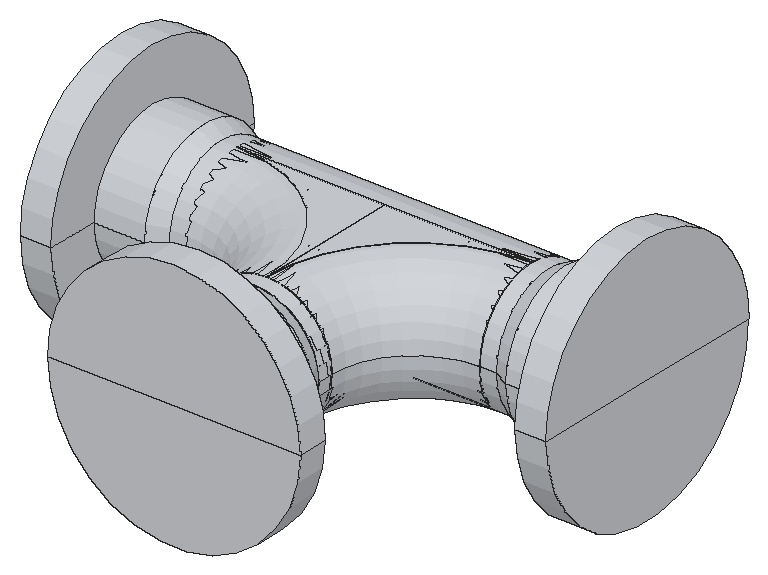
Revit family "4ebcd8fedf494d88a2312c17ed04aa66", category Pipe Fittings, Revit 2021
Family settings
  Round Connector Dimension = Use Radius
  Part Type = Tee
  OmniClass Number = 23.60.30.11.14
  OmniClass Title = Pipework Fittings
  Seek Item ID = Tee - PVC - Sch 40-0000-USA-ENU
  Work Plane-Based = No
  Always vertical = Yes
  Cut with Voids When Loaded = No
  Shared = No
Parameters (values of type "Standard")
  Visibility 1 [instance] = Angle = 90.00°  # yes
  Tick Size [instance] = Fitting Outside Diameter * 0.4  # 1.5840"
  Socket Outside Radius [instance] = Socket Outside Diameter / 2  # 2.2400"
  Socket Outside Diameter [instance] = size_lookup(Lookup Table Name, "SOD", 1.1700" + 1.0761 * Nominal Diameter, Nominal Diameter)  # 4.4800"
  Socket Depth [instance] = if(Nominal Diameter < 14.0000", 2.5000", if(Nominal Diameter < 30.0000", 3.5000", 4.0000"))  # 2.5000"
  Lookup Table Name = "Tee - MJ - DI - Class 350"
  Length 2 [instance] = Center to End Label - Socket Depth - Bevel Length  # 4.9800"
  Length 1 [instance] = Socket Depth + Bevel Length  # 3.0200"
  Fitting Outside Radius [instance] = Fitting Outside Diameter / 2  # 1.9800"
  Fitting Outside Diameter [instance] = size_lookup(Lookup Table Name, "FOD", 0.6800" + 1.0453 * Nominal Diameter, Nominal Diameter)  # 3.9600"
  Nominal Radius [instance] = 1.5000"
  Nominal Diameter [instance] = Nominal Radius * 2  # 3.0000"
  Loss Method = K Coefficient from Table
  K Coefficient Table = "Tee"
  Default Elevation = 0.0000"
  Bevel Length [instance] = size_lookup(Lookup Table Name, "BvLgt", 0.4900" + 0.0308 * Nominal Diameter, Nominal Diameter)  # 0.5200"
  Center to Socket Bottom [instance] = size_lookup(Lookup Table Name, "CtSB", 3.2500" + 0.754 * Nominal Diameter, Nominal Diameter)  # 5.5000"
  Center to End Label [instance] = if((Center to End - Gland Width) * tan(Angle 1 / 2) > Gland Outside Radius, Center to End, Gland Outside Radius / tan(Angle 1 / 2) + Gland Width)  # 8.0000"
  Center to End [instance] = Center to Socket Bottom + Socket Depth  # 8.0000"
  Center Radius Label [instance] = if(Center to Socket Bottom - Center Radius - Bevel Length < 0.5000", Center to Socket Bottom - Bevel Length - 0.5000", Center Radius)  # 4.4800"
  Center Radius [instance] = size_lookup(Lookup Table Name, "CRad", 2.7600" + 0.7232 * Nominal Diameter, Nominal Diameter)  # 4.9800"
  Gland Width [instance] = size_lookup(Lookup Table Name, "GWid", 0.8600" + 0.0318 * Nominal Diameter, Nominal Diameter)  # 0.9400"
  Gland Outside Radius [instance] = Gland Outside Diameter / 2  # 3.8450"
  Gland Outside Diameter [instance] = size_lookup(Lookup Table Name, "GOD", 4.3800" + 1.1302 * Nominal Diameter, Nominal Diameter)  # 7.6900"
  Angle 1 [instance] = if(Angle > 90.00°, 180.00° - Angle, Angle)  # 90.00°
  Angle [instance] = 90.00°
Reference planes (in)
  plane 1 "Center (Front/Back)": y = 0
  plane 2: z = 0
  plane 3 "Center (Left/Right)": x = 0
  plane 4: y = 3.845
  plane 5: y = 2.24
  plane 6: y = 1.98
  plane 7: x = -8
  plane 8: x = -7.06
  plane 9: x = -4.98
  plane 10: x = -5.5
  plane 11: x = 8
  plane 12: x = 7.06
  plane 13: x = 4.98
  plane 14: x = 5.5
  plane 15: z = 1.98
  plane 16: z = -1.98
  plane 17: y = 1.584
  plane 18: y = -1.584
  plane 19: x = -4.48
  plane 20: x = 4.48
  plane 21: y = -4.48
Forms (in)
  Revolve 1, solid, detail levels fine
    sketch origin (0, 0, 0) x (1, 0, 0) y (0, 1, 0)
      loop
        line (-8, 0) -> (8, 0) -> (8, 3.845) -> (7.06, 3.845) -> (7.06, 2.24) -> (5.5, 2.24) -> (4.98, 1.98) -> (-4.98, 1.98) -> (-5.5, 2.24) -> (-7.06, 2.24) -> (-7.06, 3.845) -> (-8, 3.845) -> (-8, 0)
      axis (-8, 0) -> (8, 0)
    angle from 0 to 360
  Revolve 2, solid, detail levels fine
    sketch origin (0, 0, 0) x (0, -1, 0) y (1, 0, 0)
      loop
        line (0, -1.98) -> (4.98, -1.98) -> (5.5, -2.24) -> (7.06, -2.24) -> (7.06, -3.845) -> (8, -3.845) -> (8, 0) -> (0, 0) -> (0, -1.98)
      axis (0, 0) -> (8, 0)
    angle from 0 to 360
  Sweep 3, solid, visible <- "Visibility 1", detail levels fine
    path origin (0, 0, 0) x (1, 0, 0) y (0, 1, 0)
      loop
        arc (4.48, 0) -> (1.31216, -1.31216) -> (0, -4.48) r 4.48
    profile origin (1.31216, -1.31216, 0) x (0.707107, -0.707107, 0) y (0, 0, 1)
      loop
        circle (0, 0) r 1.98
  Sweep 4, solid, visible <- "Visibility 1", detail levels fine
    path origin (0, 0, 0) x (-1, 0, 0) y (0, 1, 0)
      loop
        arc (4.48, 0) -> (1.31216, -1.31216) -> (0, -4.48) r 4.48
        line (0, -4.48) -> (0, -4.98)
    profile origin (-1.31216, -1.31216, 0) x (0.707107, 0.707107, 0) y (0, 0, 1)
      loop
        circle (0, 0) r 1.98
  Extrusion 5, solid, visible <- "Visibility 1", detail levels fine
    sketch origin (0, 0, 0) x (1, 0, 0) y (0, 1, 0)
      loop
        arc (-4.48, 0) -> (-1.31216, -1.31216) -> (0, -4.48) r 4.48
        arc (0, -4.48) -> (1.31216, -1.31216) -> (4.48, 0) r 4.48
        line (4.48, 0) -> (-4.48, 0)
    from -1.98 to 1.98
Cuts and joins
  joined: Revolve 1, Revolve 2
Lines and regions (in)
  model lines, detail levels coarse+medium
    curve 1: line (-8, 1.584, 0) -> (-8, -1.584, 0)
    curve 2: line (8, 1.584, 0) -> (8, -1.584, 0)
    curve 4: line (-1.584, -8, 0) -> (1.584, -8, 0)
  reference lines, not visible
    curve 3: line (0, 0, 0) -> (0, -8, 0)
  model lines, style "PipeFitting", detail levels coarse+medium
    curve 5: line (0, 0, 0) -> (0, -8, 0)
    curve 6: line (-8, 0, 0) -> (8, 0, 0)
Dimensions and locks (in)
  "Fitting Outside Radius": plane 6 to plane 1 "Center (Front/Back)"
  "Socket Outside Radius": plane 5 to plane 1 "Center (Front/Back)"
  "Gland Outside Radius": plane 4 to plane 1 "Center (Front/Back)"
  "Gland Width": plane 7 to plane 8
  "Socket Depth": plane 7 to plane 10
  "Bevel Length": plane 10 to plane 9
  "Gland Width": plane 11 to plane 12
  "Socket Depth": plane 11 to plane 14
  "Bevel Length": plane 13 to plane 14
  "Fitting Outside Radius": plane 15 to plane 2
  "Fitting Outside Radius": plane 16 to level
  "Tick Size": plane 1 "Center (Front/Back)" to plane 18
  "Tick Size": plane 17 to plane 1 "Center (Front/Back)"
  "Center to End Label": plane 7 to plane 3 "Center (Left/Right)"
  "Center to End Label": plane 3 "Center (Left/Right)" to plane 11
  "Center to End Label": curve 3 to curve 3
  "Center to End Label": Revolve 2 sketch curve to Revolve 2 sketch curve
  "Gland Width": Revolve 2 sketch curve to Revolve 2 sketch curve
  "Gland Outside Radius": Revolve 2 sketch curve to Revolve 2 sketch curve
  "Socket Outside Radius": Revolve 2 sketch curve to Revolve 2 sketch curve
  "Fitting Outside Radius": Revolve 2 sketch curve to Revolve 2 sketch curve
  "Socket Depth": Revolve 2 sketch curve to Revolve 2 sketch curve
  "Length 1": Revolve 2 sketch curve to Revolve 2 sketch curve
  "Tick Size": curve 3 to curve 4
  "Tick Size": curve 4 to curve 3
  "Center to End Label": curve 5 to curve 5
  "Length 2": Sweep 4 sketch curve to plane 1 "Center (Front/Back)"
  "Center Radius Label": plane 19 to plane 3 "Center (Left/Right)"
  "Center Radius Label": plane 3 "Center (Left/Right)" to plane 20
  "Center Radius Label": plane 1 "Center (Front/Back)" to plane 21
  "Center Radius Label": radius of Sweep 3 sketch curve
  "Fitting Outside Radius": radius of Sweep 3 sketch curve
  "Center Radius Label": radius of Sweep 4 sketch curve
  "Fitting Outside Radius": radius of Sweep 4 sketch curve
  "Center Radius Label": radius of Extrusion 5 sketch curve  (x2)
  "Angle": angle curve 3 to plane 1 "Center (Front/Back)"
  "Angle": angle Revolve 2 sketch curve to plane 1 "Center (Front/Back)"
  locked: curve 3 to curve 4 (angle 90.00°)
  "Angle": angle curve 5 to plane 1 "Center (Front/Back)"
  aligned and locked: plane 1 "Center (Front/Back)" to Revolve 1 sketch curve
  aligned and locked: plane 7 to Revolve 1 sketch curve
  aligned and locked: Revolve 1 sketch curve to plane 4  (x2)
  aligned and locked: Revolve 1 sketch curve to plane 6
  aligned and locked: Revolve 1 sketch curve to plane 5  (x2)
  aligned and locked: Revolve 1 sketch curve to plane 12
  aligned and locked: plane 11 to Revolve 1 sketch curve
  aligned and locked: Revolve 1 sketch curve to plane 8
  aligned and locked: Revolve 1 sketch curve to Revolve 1 sketch curve
  aligned and locked: plane 10 to Revolve 1 sketch curve
  aligned and locked: plane 9 to Revolve 1 sketch curve
  aligned and locked: plane 13 to Revolve 1 sketch curve
  aligned and locked: plane 14 to Revolve 1 sketch curve
  aligned and locked: plane 18 to curve 2
  aligned and locked: plane 17 to curve 2
  aligned and locked: plane 11 to curve 2
  aligned and locked: plane 18 to curve 1
  aligned and locked: plane 17 to curve 1
  aligned and locked: curve 1 to plane 7
  aligned and locked: plane 3 "Center (Left/Right)" to curve 3
  aligned and locked: plane 1 "Center (Front/Back)" to curve 3
  aligned and locked: plane 3 "Center (Left/Right)" to Revolve 2 sketch curve
  aligned and locked: plane 1 "Center (Front/Back)" to Revolve 2 sketch curve
  aligned and locked: Revolve 2 sketch curve to Revolve 2 sketch curve  (x3)
  aligned and locked: curve 4 to curve 3
  aligned and locked: plane 3 "Center (Left/Right)" to curve 5
  aligned and locked: plane 1 "Center (Front/Back)" to curve 6
  aligned and locked: plane 7 to curve 6
  aligned and locked: plane 11 to curve 6
  aligned and locked: plane 19 to Extrusion 5 sketch curve  (x2)
  aligned and locked: plane 20 to Extrusion 5 sketch curve  (x2)
  aligned and locked: plane 1 "Center (Front/Back)" to Extrusion 5 sketch curve
  aligned and locked: plane 15 to Extrusion 5
  aligned and locked: plane 16 to Extrusion 5
Automatic sketch dimensions
  Revolve 1 sketch curve to plane 7 = 1.01143"
  Revolve 1 sketch curve to plane 11 = 1.76143"
  Sweep 3 sketch curve to plane 3 "Center (Left/Right)" = 0.0000"
  plane 1 "Center (Front/Back)" to Sweep 3 sketch curve = 0.0000"
  Sweep 3 sketch curve to level = 0.0000"
  Sweep 3 sketch curve to profile plane = 0.0000"
  Sweep 4 sketch curve to plane 3 "Center (Left/Right)" = 0.0000"
  plane 1 "Center (Front/Back)" to Sweep 4 sketch curve = 0.0000"
  Sweep 4 sketch curve to level = 0.0000"
  Sweep 4 sketch curve to profile plane = 0.0000"
Connectors (in)
  piping at (-8, 0, 0), diameter 3, driven by "Nominal Radius"
    settings: on Revolve 1, index 1, connector inside diameter 3.0000", connector length 0.0000", flow factor 0, pipe flow 0 GPM, pressure drop 0.00 psi, fitting loss kfactor 0, connector angle 0.00°, fixture units 0, engagement length 0.0000", angle of deflection 0.00°, flow configuration 0, flow direction 0, fitting loss method 0, system type 28, joint type 0, gender type 0, connector reference index 2, connector utility 0, adjustable connector no, is connector primary yes, connector description ""
  piping at (8, 0, 0), diameter 3, driven by "Nominal Radius"
    settings: on cut or joined group of Revolve 1, Revolve 2, index 2, connector inside diameter 3.0000", connector length 0.0000", flow factor 0, pipe flow 0 GPM, pressure drop 0.00 psi, fitting loss kfactor 0, connector angle 0.00°, fixture units 0, engagement length 0.0000", angle of deflection 0.00°, flow configuration 0, flow direction 0, fitting loss method 0, system type 28, joint type 0, gender type 0, connector reference index 1, connector utility 0, adjustable connector no, is connector primary no, connector description ""
  piping at (0, -8, 0), diameter 3, driven by "Angle", driven by "Nominal Radius"
    settings: on cut or joined group of Revolve 1, Revolve 2, index 3, connector inside diameter 3.0000", connector length 0.0000", flow factor 0, pipe flow 0 GPM, pressure drop 0.00 psi, fitting loss kfactor 0, connector angle 90.00°, fixture units 0, engagement length 0.0000", angle of deflection 0.00°, flow configuration 0, flow direction 0, fitting loss method 0, system type 28, joint type 0, gender type 0, connector reference index -1, connector utility 0, adjustable connector no, is connector primary no, connector description ""
